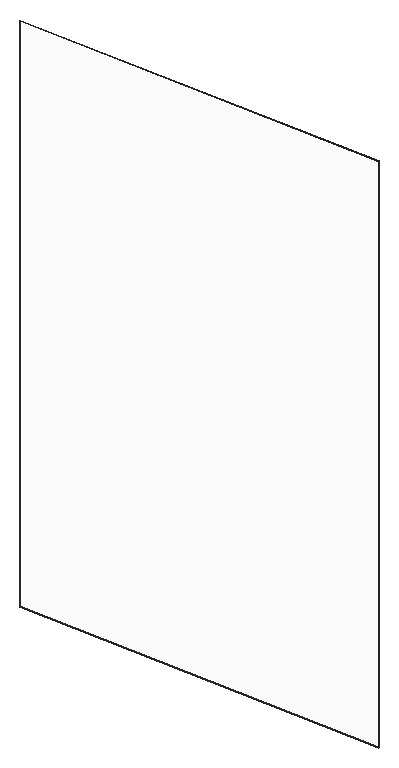
Revit family "Building-Materials_Glass-Glazing_Vitro-Architectural-Glass_Solargray-Monolithic-Glass", category Curtain Panels, Revit 2026
Family settings
  Classification Number = 23.25.20.14.11.11.17
  Always vertical = Yes
  Cut with Voids When Loaded = No
  Shared = No
Parameters (values of type "Solargray Monolithic")
  Visual Light Transmittance = 0.44  # constant formula
  UV Light Transmittance = 0.24
  URL = "https://www.vitroglazings.com/"
  U-Value Argon (Winter Night) = 0.0000 BTU/(h·ft²·°F)
  U-Value Argon (Summer Day) = 0.0000 BTU/(h·ft²·°F)
  U-Value Air (Winter Night) = 1.0200 BTU/(h·ft²·°F)
  U-Value Air (Summer Day) = 0.9200 BTU/(h·ft²·°F)
  Thickness = 0' - 0 1/4"
  Thermal Resistance (R) = 8.3333 (h·ft²·°F)/BTU  # constant formula
  Solar Light Transmittance = 0.42
  Solar Heat Gain Coefficient = 0.58  # constant formula
  Shadow Coefficient = 0.67
  Reflectance (Visible Interior) = 6
  Reflectance (Visible Exterior) = 6
  Product data url = "https://www.bimobject.com/vitroarchictecturalglass/product/solargray-glass"
  Product Page URL = "https://www.vitroglazings.com/products/performance-tinted-glass/gray-bronze-tinted-glass/solargray-glass/"
  Product Guid = "9234bf05-ba3a-48e5-88ce-c86a2ec74097"
  Model = "Solargray Monolithic"
  Manufacturer = "Vitro Architectural Glass "  # constant formula
  Light to Solar Gain = 0.76
  Keynote = "08900"
  ISO Damage Weighted Transmittance = 0.406
  Heat Transfer Coefficient (U) = 0.2900 BTU/(h·ft²·°F)  # constant formula
  Glass Material = Vitro Architectural-Glass - Solargray
  Finish = "Glass"
  Description = "Solargray® glass has been a popular choice for commercial structures because of its cool, medium‑gray appearance and ability to control solar heat gain and glare. In a one-inch insulating glass unit (IGU), Solargray® glass provides visual light transmittance (VLT) of 40 percent. Solargray® glass may also be combined with Sungate® 400 glass in a one-inch IGU for improved solar heat gain performance and lower U-values. Solargray® glass’s light‑gray color makes it an attractive choice in combination with almost any other exterior cladding material."  # constant formula
  Define Thermal Properties by = Schematic Type
  Assembly Code = "B2020220"
  Analytic Construction = "Large single-glazed windows"
Reference planes (in)
  plane 1 "Front": y = 0
  plane 2: z = 0
  plane 3 "Center (Left/Right)": x = 0
  plane 4 "Left": x = -32.75106
  plane 5 "Right": x = 32.75106
  plane 6 "Top": z = 96
  plane 7: y = 0.125
  plane 8: y = -0.125
Forms (in)
  Extrusion 1, solid, material "Vitro Architectural-Glass - Solargray" <- "Glass Material"
    sketch origin (0, 0.5, 0) x (1, 0, 0) y (0, 1, 0)
      loop
        line (-32.75106, -0.375) -> (-32.75106, -0.625) -> (32.75106, -0.625) -> (32.75106, -0.375) -> (-32.75106, -0.375)
    from 0 to 96
Text (in)
  text "Exterior" at (-54.29358, 31.38743, 0), in view "Ref. Level"
  text "Exterior" at (480, 41.53993, 89.60405), in view "Right"
  text "Exterior" at (-240, 57.82419, 105.78864), in view "Left"
Dimensions and locks (in)
  equal spacing: plane 4 "Left", plane 3 "Center (Left/Right)", plane 5 "Right"
  plane 7 to Extrusion 1 sketch curve = 0' - 0"
  equal spacing: plane 7, plane 1 "Front", plane 8
  "Thickness": plane 7 to plane 8
  aligned and locked: level to plane 2
  aligned and locked: Extrusion 1 sketch curve to plane 4 "Left"
  aligned and locked: plane 5 "Right" to Extrusion 1 sketch curve
  aligned and locked: Extrusion 1 to plane 6 "Top"
  aligned and locked: Extrusion 1 to level
  aligned and locked: plane 7 to Extrusion 1
  aligned and locked: Extrusion 1 to plane 8
Automatic sketch dimensions
  Extrusion 1 sketch curve to plane 7 = 0' - 0 1/4"
